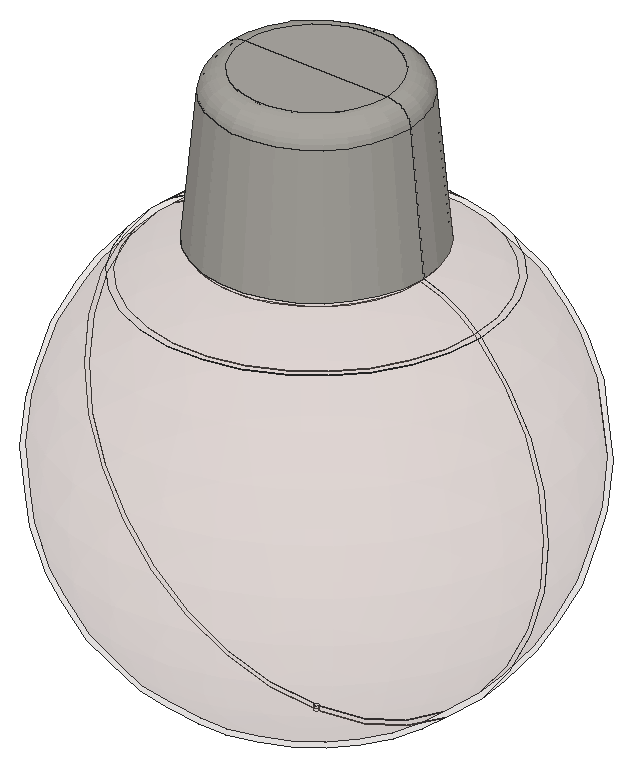
Revit family "Lighting_Pendants_Zero_Shibuya_Project_Wire", category Lighting Fixtures, Revit 2020
Family settings
  Round Connector Dimension = Use Diameter
  Part Type = Normal
  OmniClass Number = 23.80.70.00
  OmniClass Title = Lighting
  Work Plane-Based = No
  Always vertical = Yes
  Cut with Voids When Loaded = No
  Light Source = Yes
  Shared = No
  Room Calculation Point = No
Parameters (values of type "Shibuya Glass Shade Cognac End")
  Youtube clip = ""
  Weight Net (Kg) = "0"
  Wattage Comments = "Recommended: 3.8W LED, 6W LED, 28W Halogen"
  Wattage = 3.16409 W
  WarrantyStartDate [instance] = "n/a"
  WarrantyGuarantorParts = "n/a"
  WarrantyGuarantorLabor = "n/a"
  WarrantyDurationUnit = "Year"
  WarrantyDurationParts = "n/a"
  WarrantyDurationLabor = "n/a"
  WarrantyDescription = "n/a"
  built-in parameter 1150110 = 1 (stored number, unit not read)
  VersionDate = "31/08/2023"  # constant formula
  Version = "3"  # constant formula
  UsageCurrent = 0 A
  Uniformat II Description = ""
  Uniformat II Code = ""
  Uniclass2015Reference = "Pr_70_70_48_86"
  Uniclass2015Description = "Suspended luminaires"
  Uniclass2 = "Pr_70_70_49_86"
  Uniclass 2015 Name = ""
  Uniclass 2015 Code = ""
  Uniclass 2.0 Description = ""
  Uniclass 2.0 Code = ""
  Uniclass 1.4 Description = ""
  Uniclass 1.4 Code = ""
  URL = "https://www.zerolighting.com/shibuya-inompe/"
  UNSPSC Code = ""
  TotalWattage = 28 W
  built-in parameter 1114217 = 1 (stored number, unit not read)
  Tilt Angle = 90.00°
  built-in parameter 1150109 = 1 (stored number, unit not read)
  built-in parameter 1150134 = (empty or 0)
  Technical description = ""
  TagNumber [instance] = "n/a"
  SustainabilityPerformance = "n/a"
  built-in parameter 1150113 = 1 (stored number, unit not read)
  Size = "200x200x250 mm"
  Shape = "Sphere"
  SerialNumber [instance] = "n/a"
  Revision = "5"  # constant formula
  ReplacementCost = "n/a"
  Region South America = "None"
  Region Oceania = "AU, NZ"
  Region North America = "BZ, CR, GT, HN, MX, NI, PA, SV, US"
  Region Middle East = "AE"
  Region Europe = "AD, AL, AT, AX, BA, BE, BG, BY, CH, CY, CZ, DE, DK, EE, ES, FI, FO, FR, GB, GG, GI, GR, HR, HU, IE, IM, IS, IT, JE, LI, LT, LU, LV, MC, MD, ME, MK, MT, NL, NO, PL, PT, RO, RS, RU, SE, SI, SJ, SK, SM, UA, VA"
  Region Asia = "HK, JP, SG"
  Region Antarctica = "None"
  Region Africa = "None"
  ProductInformation = "A little sister to the acclaimed Daikanyama fixture; inspired by fairy lights, colourful lanterns and the vibrant Shibuya district in Tokyo. Various shades and globes in many patterns and colours affix to a central, cast housing. Only one socket is required as the electricity runs from fixture to fixture."
  Product group = "Pendant"
  Product family = "Shibuya"
  Product certification = ""
  Product SKU = "Shibuya_project_wire_system"
  Product Guid = "d66b33c8-8a07-4739-a0ad-8886d57d55fe"
  Photometric Web File = "Shibuya8224.IES"
  PhaseReference = "n/a"
  PhaseAngle = 0.00°
  OmniClass Description = ""
  OmniClass Code = ""
  NumberOfSources = 0
  NumberOfPoles = 1
  Note = "Light fitting art. no. -XX varies with color; -01 = White, -07 = Red, -95 = Grey"
  NominalVoltageCalc = 0 V
  NominalVoltage = 230 V
  NominalRadius = 150 mm
  NominalLength = 300 mm
  NominalFrequencyRange = 50 Hz
  NominalDiameter = 300 mm
  NominalCurrent = 0 A
  Nominal width = 0 mm
  Nominal height = 0 mm
  Name = "Zero_Shibuya_Project_Wire"  # constant formula
  NBSReference = "90-60-50/405"
  NBSDescription = "General purpose luminaires"
  NBS Reference Description = ""
  NBS Reference Code = ""
  ModelType = shibuya02 : shibuya02
  ModelReference = "n/a"
  ModelNumber = "8224-1-16 + 8221-1-XX"
  Model = "Shibuya System Glass shade Cognac End fitting"
  Material secondary = "Glass"
  Material main = "Aluminium"
  Material = "Metal and glass"
  Masterformat 2014 Description = ""
  Masterformat 2014 Code = ""
  ManufacturersSpecificInformation = "n/a"
  ManufacturerURL = "https://www.zerolighting.com/"
  ManufacturerName = "Zero"
  Manufacturer name = "ZERO"
  Manufacturer country = "Sweden"
  Manufacturer = "Zero"
  MaintenanceFactor = 0
  Lumens = 470 lm
  built-in parameter 1150115 = 1 (stored number, unit not read)
  built-in parameter 1150105 = 37.401 (stored number, unit not read)
  LightFixtureSecondaryMaterial = Grey RAL 7030
  LightFixturePlacingType = "Ceiling"
  LightFixtureMountingType = "Suspended"
  LightFixtureMainMaterial = Glass Cognac
  built-in parameter 1150137 = (empty or 0)
  built-in parameter 1150139 = (empty or 0)
  LensMaterial = Glass Cognac
  built-in parameter 1150112 = 1 (stored number, unit not read)
  built-in parameter 1150114 = 1 (stored number, unit not read)
  InsulationStandardClass = "n/a"
  InstallationDate [instance] = "n/a"
  Installation instructions = ""
  built-in parameter 1150132 = 2
  built-in parameter 1150102 = (empty or 0)
  built-in parameter 1150138 = (empty or 0)
  built-in parameter 1150107 = 3000 (stored number, unit not read)
  built-in parameter 1150106 = 0.37401 (stored number, unit not read)
  IfcExportType = "NOTDEFINED"  # constant formula
  IfcExportAs = "IfcLightFixtureType"  # constant formula
  IP_Code = "IP20"
  IFC Classification = ""
  HasProtectiveEarth = yes
  Grade = "n/a"
  GTIN code = ""
  Finish = "Painted aluminum"
  Features = "Wire fitting"
  ExpectedLife = "n/a"
  ElectricalDeviceNominalPower = 0
  built-in parameter 1150104 = 13.8 (stored number, unit not read)
  Edition number = 1
  EANNumber = "n/a"
  DurationUnit = "Year"
  Dimming Lamp Color Temperature Shift = <None>
  Dimming = "None"
  Designer = "Thomas Bernstrand"
  Design country = "Sweden"
  Description = "A little sister to the acclaimed Daikanyama fixture; inspired by fairy lights, colourful lanterns and the vibrant Shibuya district in Tokyo. Various shades and globes in many patterns and colours affix to a central, cast housing. Only one socket is required as the electricity runs from fixture to fixture."
  DefaultElevation = 0 mm
  Default Elevation = 0 mm
  Date of publishing = ""
  Constituents = "n/a"
  Color Filter = 16777215
  Color = "Cognac"
  Collection = "Shibuya"
  CodePerformance = "n/a"
  Category = "Pendant"
  COBIe Type Category = ""
  Brand url = "http://www.zero.se"
  Brand = "Zero"
  Barcode [instance] = "n/a"
  built-in parameter 1114218 = 1 (stored number, unit not read)
  BIMObjectName = "Lighting_Pendants_Zero_Shibuya_Project_Wire"  # constant formula
  Author = "BIMstone"  # constant formula
  built-in parameter 1150133 = 10 (stored number, unit not read)
  AssetType = "Fixed"
  AssetIdentifier [instance] = "n/a"
  ArticleNumber = "8224-1-16 + 8221-1-XX"
  AccessibilityPerformance = "n/a"
Types (18, lengths in mm): name | Wattage Comments | Wattage | TotalWattage | Size | Shape | Photometric Web File | ModelType | ModelNumber | Model | Material | Lumens | built-in parameter 1150105 | LightFixtureMainMaterial | LensMaterial | built-in parameter 1150106 | Color | ArticleNumber
  Shibuya Shade Alu Grey Start | "Recommended: 6W LED, 20W Low energy" | 8.21317 W | 20 W | "300x300x190 mm" | "Cone" | "Shibuya82231.IES" | shibuya01 : shibuya01 | "8223-1-95 + 8218-1-XX" | "Shibuya System Alu shade Grey Start fitting" | "Metal" | 1220 lm | 97.085 (stored number, unit not read) | Grey RAL 7030 | Glass | 0.97085 (stored number, unit not read) | "Grey" | "8223-1-95 + 8218-1-XX"
  Shibuya Glass Shade Grey Start | "Recommended: 3.8W LED, 6W LED, 28W Halogen" | 3.16409 W | 28 W | "200x200x250 mm" | "Sphere" | "Shibuya8224.IES" | shibuya02 : shibuya02 | "8224-1-11 + 8218-1-XX" | "Shibuya System Glass shade Grey Start fitting" | "Metal and glass" | 470 lm | 37.401 (stored number, unit not read) | Glass Grey | Glass Grey | 0.37401 (stored number, unit not read) | "Grey" | "8224-1-11 + 8218-1-XX"
  Shibuya Glass Shade Red Start | "Recommended: 3.8W LED, 6W LED, 28W Halogen" | 3.16409 W | 28 W | "200x200x250 mm" | "Sphere" | "Shibuya8224.IES" | shibuya02 : shibuya02 | "8224-1-07 + 8218-1-XX" | "Shibuya System Glass shade Red Start fitting" | "Metal and glass" | 470 lm | 37.401 (stored number, unit not read) | Glass Red | Glass Red | 0.37401 (stored number, unit not read) | "Red" | "8224-1-07 + 8218-1-XX"
  Shibuya Glass Shade Cognac Start | "Recommended: 3.8W LED, 6W LED, 28W Halogen" | 3.16409 W | 28 W | "200x200x250 mm" | "Sphere" | "Shibuya8224.IES" | shibuya02 : shibuya02 | "8224-1-16 + 8218-1-XX" | "Shibuya System Glass shade Cognac Start fitting" | "Metal and glass" | 470 lm | 37.401 (stored number, unit not read) | Glass Cognac | Glass Cognac | 0.37401 (stored number, unit not read) | "Cognac" | "8224-1-16 + 8218-1-XX"
  Shibuya Glass Shade Cognac Plus | "Recommended: 3.8W LED, 6W LED, 28W Halogen" | 3.16409 W | 28 W | "200x200x250 mm" | "Sphere" | "Shibuya8224.IES" | shibuya02 : shibuya02 | "8224-1-16 + 8219-1-XX" | "Shibuya System Glass shade Cognac Plus fitting" | "Metal and glass" | 470 lm | 37.401 (stored number, unit not read) | Glass Cognac | Glass Cognac | 0.37401 (stored number, unit not read) | "Cognac" | "8224-1-16 + 8219-1-XX"
  Shibuya Glass Shade Grey Plus | "Recommended: 3.8W LED, 6W LED, 28W Halogen" | 3.16409 W | 28 W | "200x200x250 mm" | "Sphere" | "Shibuya8224.IES" | shibuya02 : shibuya02 | "8224-1-11 + 8219-1-XX" | "Shibuya System Glass shade Grey Plus fitting" | "Metal and glass" | 470 lm | 37.401 (stored number, unit not read) | Glass Grey | Glass Grey | 0.37401 (stored number, unit not read) | "Grey" | "8224-1-11 + 8219-1-XX"
  Shibuya Glass Shade Red Plus | "Recommended: 3.8W LED, 6W LED, 28W Halogen" | 3.16409 W | 28 W | "200x200x250 mm" | "Sphere" | "Shibuya8224.IES" | shibuya02 : shibuya02 | "8224-1-07 + 8219-1-XX" | "Shibuya System Glass shade Red Plus fitting" | "Metal and glass" | 470 lm | 37.401 (stored number, unit not read) | Glass Red | Glass Red | 0.37401 (stored number, unit not read) | "Red" | "8224-1-07 + 8219-1-XX"
  Shibuya Glass Shade Cognac End | "Recommended: 3.8W LED, 6W LED, 28W Halogen" | 3.16409 W | 28 W | "200x200x250 mm" | "Sphere" | "Shibuya8224.IES" | shibuya02 : shibuya02 | "8224-1-16 + 8221-1-XX" | "Shibuya System Glass shade Cognac End fitting" | "Metal and glass" | 470 lm | 37.401 (stored number, unit not read) | Glass Cognac | Glass Cognac | 0.37401 (stored number, unit not read) | "Cognac" | "8224-1-16 + 8221-1-XX"
  Shibuya Glass Shade Grey End | "Recommended: 3.8W LED, 6W LED, 28W Halogen" | 3.16409 W | 28 W | "200x200x250 mm" | "Sphere" | "Shibuya8224.IES" | shibuya02 : shibuya02 | "8224-1-11 + 8221-1-XX" | "Shibuya System Glass shade Grey End fitting" | "Metal and glass" | 470 lm | 37.401 (stored number, unit not read) | Glass Grey | Glass Grey | 0.37401 (stored number, unit not read) | "Grey" | "8224-1-11 + 8221-1-XX"
  Shibuya Glass Shade Red End | "Recommended: 3.8W LED, 6W LED, 28W Halogen" | 3.16409 W | 28 W | "200x200x250 mm" | "Sphere" | "Shibuya8224.IES" | shibuya02 : shibuya02 | "8224-1-07 + 8221-1-XX" | "Shibuya System Glass shade Red End fitting" | "Metal and glass" | 470 lm | 37.401 (stored number, unit not read) | Glass Red | Glass Red | 0.37401 (stored number, unit not read) | "Red" | "8224-1-07 + 8221-1-XX"
  Shibuya Shade Alu Grey Plus | "Recommended: 6W LED, 20W Low energy" | 8.21317 W | 28 W | "300x300x190 mm" | "Cone" | "Shibuya82231.IES" | shibuya01 : shibuya01 | "8223-1-95 + 8219-1-XX" | "Shibuya System Alu shade Grey Plus fitting" | "Metal" | 1220 lm | 97.085 (stored number, unit not read) | Grey RAL 7030 | Glass | 0.97085 (stored number, unit not read) | "Grey" | "8223-1-95 + 8219-1-XX"
  Shibuya Shade Alu Grey End | "Recommended: 6W LED, 20W Low energy" | 8.21317 W | 28 W | "300x300x190 mm" | "Cone" | "Shibuya82231.IES" | shibuya01 : shibuya01 | "8223-1-95 + 8221-1-XX" | "Shibuya System Alu shade Grey End fitting" | "Metal" | 1220 lm | 97.085 (stored number, unit not read) | Grey RAL 7030 | Glass | 0.97085 (stored number, unit not read) | "Grey" | "8223-1-95 + 8221-1-XX"
  Shibuya Shade Alu White Start | "Recommended: 6W LED, 20W Low energy" | 8.21317 W | 28 W | "300x300x190 mm" | "Cone" | "Shibuya82231.IES" | shibuya01 : shibuya01 | "8223-1-01 + 8218-1-XX" | "Shibuya System Alu shade White Start fitting" | "Metal" | 1220 lm | 97.085 (stored number, unit not read) | White RAL 9010 | Glass | 0.97085 (stored number, unit not read) | "White" | "8223-1-01 + 8218-1-XX"
  Shibuya Shade Alu White Plus | "Recommended: 6W LED, 20W Low energy" | 8.21317 W | 28 W | "300x300x190 mm" | "Cone" | "Shibuya82231.IES" | shibuya01 : shibuya01 | "8223-1-01 + 8219-1-XX" | "Shibuya System Alu shade White Plus fitting" | "Metal" | 1220 lm | 97.085 (stored number, unit not read) | White RAL 9010 | Glass | 0.97085 (stored number, unit not read) | "White" | "8223-1-01 + 8219-1-XX"
  Shibuya Shade Alu White End | "Recommended: 6W LED, 20W Low energy" | 8.21317 W | 28 W | "300x300x190 mm" | "Cone" | "Shibuya82231.IES" | shibuya01 : shibuya01 | "8223-1-01 + 8221-1-XX" | "Shibuya System Alu shade White End fitting" | "Metal" | 1220 lm | 97.085 (stored number, unit not read) | White RAL 9010 | Glass | 0.97085 (stored number, unit not read) | "White" | "8223-1-01 + 8221-1-XX"
  Shibuya Shade Alu Red Start | "Recommended: 6W LED, 20W Low energy" | 8.21317 W | 28 W | "300x300x190 mm" | "Cone" | "Shibuya82231.IES" | shibuya01 : shibuya01 | "8223-1-07 + 8218-1-XX" | "Shibuya System Alu shade Red Start fitting" | "Metal" | 1220 lm | 97.085 (stored number, unit not read) | Red RAL 3001 | Glass | 0.97085 (stored number, unit not read) | "Red" | "8223-1-07 + 8218-1-XX"
  Shibuya Shade Alu Red Plus | "Recommended: 6W LED, 20W Low energy" | 8.21317 W | 28 W | "300x300x190 mm" | "Cone" | "Shibuya82231.IES" | shibuya01 : shibuya01 | "8223-1-07 + 8219-1-XX" | "Shibuya System Alu shade Red Plus fitting" | "Metal" | 1220 lm | 97.085 (stored number, unit not read) | Red RAL 3001 | Glass | 0.97085 (stored number, unit not read) | "Red" | "8223-1-07 + 8219-1-XX"
  Shibuya Shade Alu Red End | "Recommended: 6W LED, 20W Low energy" | 8.21317 W | 28 W | "300x300x190 mm" | "Cone" | "Shibuya82231.IES" | shibuya01 : shibuya01 | "8223-1-07 + 8221-1-XX" | "Shibuya System Alu shade Red End fitting" | "Metal" | 1220 lm | 97.085 (stored number, unit not read) | Red RAL 3001 | Glass | 0.97085 (stored number, unit not read) | "Red" | "8223-1-07 + 8221-1-XX"
Reference planes
  plane 1 "Light Source Axis (F/B)": y = 0
  plane 2: z = 0
  plane 3 "Light Source Axis (L/R)": x = 0
  plane 4 "Light Source Elevation": z = 23.967
  plane 5: y = 150
  plane 6: y = -150
  plane 7: x = 150
  plane 8: x = -150
  plane 9: z = 195.8
Forms (mm)
  Extrusion 1, solid, material "Glass Cognac" <- "LightFixtureMainMaterial", detail levels coarse
    sketch origin (0, 0, 0) x (1, 0, 0) y (0, 1, 0)
      loop
        line (-150, -150) -> (150, -150) -> (150, 150) -> (-150, 150) -> (-150, -150)
    from 0 to 195.8
Lines and regions (mm)
  symbolic lines, detail levels coarse
    curve 1: line (150, 0, 195.8) -> (-150, 0, 195.8)
    curve 2: line (-150, 0, 195.8) -> (-150, 0, 0)
    curve 3: line (150, 0, 0) -> (150, 0, 195.8)
    curve 4: line (-150, 0, 0) -> (150, 0, 0)
    curve 5: line (0, 150, 0) -> (0, 150, 195.8)
    curve 6: line (0, 150, 195.8) -> (0, -150, 195.8)
    curve 7: line (0, -150, 195.8) -> (0, -150, 0)
    curve 8: line (0, -150, 0) -> (0, 150, 0)
    curve 9: line (-150, 150, 23.967) -> (150, 150, 23.967)
    curve 10: line (-150, -150, 23.967) -> (-150, 150, 23.967)
    curve 11: line (150, -150, 23.967) -> (-150, -150, 23.967)
    curve 12: line (150, 150, 23.967) -> (150, -150, 23.967)
Dimensions and locks
  equal spacing: plane 8, plane 3 "Light Source Axis (L/R)", plane 7
  "NominalLength": plane 8 to plane 7
  equal spacing: plane 5, plane 1 "Light Source Axis (F/B)", plane 6
  plane 5 to plane 6 = 300 mm
  plane 9 to level = 195.8 mm
  aligned and locked: plane 3 "Light Source Axis (L/R)" to imposter light
  aligned and locked: plane 4 "Light Source Elevation" to imposter light
  aligned and locked: level to plane 2
  aligned and locked: plane 9 to Extrusion 1
  aligned and locked: curve 1 to Extrusion 1
  aligned and locked: curve 2 to Extrusion 1
  aligned and locked: curve 3 to Extrusion 1
  aligned and locked: curve 4 to Extrusion 1
  aligned and locked: curve 5 to Extrusion 1
  aligned and locked: curve 6 to Extrusion 1
  aligned and locked: curve 7 to Extrusion 1
  aligned and locked: curve 8 to Extrusion 1
  aligned and locked: plane 5 to curve 9
  aligned and locked: plane 8 to curve 10
  aligned and locked: curve 11 to plane 6
  aligned and locked: curve 12 to plane 7
Automatic sketch dimensions
  Extrusion 1 sketch curve to plane 5 = 0 mm
  Extrusion 1 sketch curve to plane 8 = 0 mm
  Extrusion 1 sketch curve to plane 7 = 0 mm
  Extrusion 1 sketch curve to plane 6 = 0 mm
  curve 2 to level = 0 mm
  curve 6 to plane 6 = 0 mm
  curve 6 to plane 5 = 0 mm
  curve 5 to level = 0 mm
  curve 6 to plane 9 = 0 mm
Nested families
  nested 1: "shibuya02" at (0, 0, 0), Material2 <- "LensMaterial", Material1 <- "LightFixtureMainMaterial", Material3 <- "LightFixtureSecondaryMaterial", type <- "ModelType", type "shibuya02"
    with Material3 Grey RAL 7030, Material2 Glass Cognac, Material1 Glass Cognac
Definition of nested family "shibuya02"
  Parameters (values of type "shibuya02")
    Material3 [instance] = none
    Material2 [instance] = none
    Material1 [instance] = none
    Default Elevation = 0 mm
  Reference planes
    plane 1 "Center (Front/Back)": y = 0
    plane 2: z = 0
    plane 3 "Center (Left/Right)": x = 0
  Forms (mm)
    Revolve 1, solid, material <- "Material3", detail levels medium+fine
      sketch origin (0, 0, 0) x (1, 0, 0) y (0, 0, 1)
        loop
          line (0, 250) -> (-30.934, 250)
          arc (-30.934, 250) -> (-37.651, 247.409) -> (-40.886, 240.978) r 10
          line (-40.886, 240.978) -> (-46.441, 184.439) -> (-45.436, 184.439) -> (-39.891, 240.88)
          arc (-39.891, 240.88) -> (-36.979, 246.668) -> (-30.934, 249) r 9
          line (-30.934, 249) -> (0, 249) -> (0, 250)
        axis (0, 250) -> (0, 184.439)
      angle from 0 to 360
    Revolve 2, solid, material <- "Material2", detail levels medium+fine
      sketch origin (0, 0, 0) x (1, 0, 0) y (0, 0, 1)
        loop
          arc (1.001, -0.249) -> (93.355, 61.402) -> (71.835, 170.338) r 100
          arc (71.835, 170.338) -> (60.133, 179.18) -> (46.441, 184.439) r 52.507
          line (46.441, 184.439) -> (45.436, 184.439) -> (45.436, 182.615)
          arc (45.436, 182.615) -> (58.028, 178.047) -> (68.983, 170.338) r 50.648
          arc (68.983, 170.338) -> (91.889, 63.101) -> (1.001, 1.751) r 98
          line (1.001, 1.751) -> (1.001, -0.249)
        axis (0, -0.249) -> (0, 184.439)
      angle from 0 to 360
  Lines and regions (mm)
    symbolic lines, detail levels medium+fine
      curve 1: line (0, 0, 249.993) -> (0, 31.092, 249.993)
      curve 2: arc (0, 31.092, 249.993) -> (0, 38.106, 247.088) -> (0, 41.011, 240.074) r 9.919
      curve 3: line (0, 41.011, 240.074) -> (0, 46.441, 184.439)
      curve 4: arc (0, 46.441, 184.439) -> (0, 60.84, 178.704) -> (0, 73.006, 169.102) r 53.809
      curve 5: arc (0, 73.006, 169.102) -> (0, 92.988, 138.589) -> (0, 101.056, 103.02) r 102.789
      curve 6: arc (0, 101.056, 103.02) -> (0, 97.441, 72.329) -> (0, 84.244, 44.386) r 95.811
      curve 7: arc (0, 84.244, 44.386) -> (0, 66.587, 24.228) -> (0, 44.169, 9.549) r 98.915
      curve 8: arc (0, 44.169, 9.549) -> (0, 22.638, 2.213) -> (0, 0, 0) r 98.722
      curve 10: line (0, 0, 249.993) -> (0, -31.092, 249.993)
      curve 11: arc (0, -31.092, 249.993) -> (0, -38.106, 247.088) -> (0, -41.011, 240.074) r 9.919
      curve 12: line (0, -41.011, 240.074) -> (0, -46.441, 184.439)
      curve 13: arc (0, -46.441, 184.439) -> (0, -60.84, 178.704) -> (0, -73.006, 169.102) r 53.809
      curve 14: arc (0, -73.006, 169.102) -> (0, -92.988, 138.589) -> (0, -101.056, 103.02) r 102.789
      curve 15: arc (0, -101.056, 103.02) -> (0, -97.441, 72.329) -> (0, -84.244, 44.386) r 95.811
      curve 16: arc (0, -84.244, 44.386) -> (0, -66.587, 24.228) -> (0, -44.169, 9.549) r 98.915
      curve 17: arc (0, -44.169, 9.549) -> (0, -22.638, 2.213) -> (0, 0, 0) r 98.722
      curve 19: line (0, 0, 250.029) -> (-30, 0, 250.029)
      curve 20: arc (-30, 0, 250.029) -> (-37.192, 0, 247.856) -> (-40.812, 0, 241.273) r 9.948
      curve 21: line (-40.812, 0, 241.273) -> (-46.441, 0, 184.439)
      curve 22: arc (-46.441, 0, 184.439) -> (-65.367, 0, 175.841) -> (-79.92, 0, 160.997) r 56.667
      curve 23: arc (-79.92, 0, 160.997) -> (-95.706, 0, 132.06) -> (-101.082, 0, 99.538) r 98.695
      curve 24: arc (-101.082, 0, 99.538) -> (-95.581, 0, 67.06) -> (-79.92, 0, 38.079) r 100.984
      curve 25: arc (-79.92, 0, 38.079) -> (-63.15, 0, 21.243) -> (-42.757, 0, 9.045) r 95.952
      curve 26: arc (-42.757, 0, 9.045) -> (-21.847, 0, 2.307) -> (0, 0, 0) r 106.588
      curve 27: line (0, 0, 250.029) -> (30, 0, 250.029)
      curve 28: arc (30, 0, 250.029) -> (37.192, 0, 247.856) -> (40.812, 0, 241.273) r 9.948
      curve 29: line (40.812, 0, 241.273) -> (46.441, 0, 184.439)
      curve 30: arc (46.441, 0, 184.439) -> (65.367, 0, 175.841) -> (79.92, 0, 160.997) r 56.667
      curve 31: arc (79.92, 0, 160.997) -> (95.706, 0, 132.06) -> (101.082, 0, 99.538) r 98.695
      curve 32: arc (101.082, 0, 99.538) -> (95.581, 0, 67.06) -> (79.92, 0, 38.079) r 100.984
      curve 33: arc (79.92, 0, 38.079) -> (63.15, 0, 21.243) -> (42.757, 0, 9.045) r 95.952
      curve 34: arc (42.757, 0, 9.045) -> (21.847, 0, 2.307) -> (0, 0, 0) r 106.588
      curve 36: circle (0, 0, 0) r 150 normal (0, 0, 1)
    symbolic lines, detail levels fine
      curve 9: line (0, 46.441, 184.439) -> (0, 0, 184.439)
      curve 18: line (0, -46.441, 184.439) -> (0, 0, 184.439)
      curve 35: line (-46.441, 0, 184.439) -> (46.441, 0, 184.439)
      curve 37: arc (45.436, 0, 0) -> (0, 45.436, 0) -> (-45.436, 0, 0) r 45.436
      curve 38: arc (-45.436, 0, 0) -> (0, -45.436, 0) -> (45.436, 0, 0) r 45.436
  Dimensions and locks
    aligned and locked: level to plane 2
